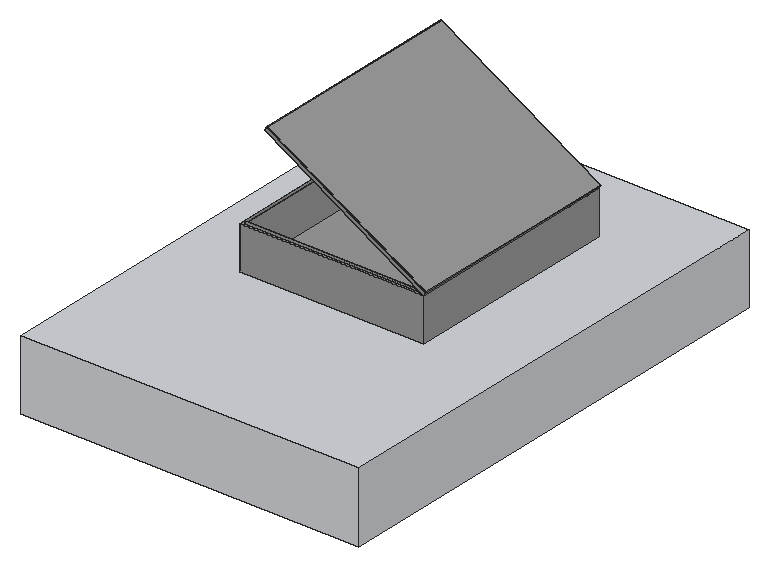
Revit family "Hager-Univers-IP54-D205-H950-Cl.I-Encl-AT-de", category Equipement électrique, Revit 2020
Family settings
  Hôte = Face
  Configuration du panneau = Deux colonnes, circuits au sein
  Cote de connecteur circulaire = Utiliser le diamètre
  Type d'élément = Tableau de raccordement
  Couper avec des vides une fois chargée = Non
  Partagée = Non
  Point de calcul de pièce = Non
Parameters (values of type "Aufputz IP54 B800 H950 T205  - FP63TW2")
  Width Control [instance] = if([EF000008 - Breite] > Min Width, [EF000008 - Breite], Min Width)  # 800 mm
  Commentaires du type = [HG000003 - Bereich]  # "Univers"
  Thickness Door [instance] = if([EF009171 - Materialstärke Tür/Deckel] > 3 mm, 3 mm, [EF009171 - Materialstärke Tür/Deckel])  # 1 mm
  Seal Frame Offset [instance] = 17 mm  # constant formula
  Plinth Visibility [instance] = [HG000027 - Sockelhöhe] > 0 mm  # no
  Model = ""
  Min Width [instance] = 100 mm  # constant formula
  Min Height [instance] = 100 mm  # constant formula
  Min Depth [instance] = (2 * [EF009170 - Materialstärke Gehäuse]) + 1 mm  # 3 mm
  Internal Frame Depth [instance] = (Door System Depth * 0.5)  # 9 mm
  Height Control [instance] = if([EF000040 - Höhe] > Min Height, [EF000040 - Höhe], Min Height)  # 950 mm
  HG000027 - Sockelhöhe = 0 mm
  HG000026 - Stehend auf dem Boden = no
  HG000024 - Höhe des unteren Teils = 800 mm
  HG000023 - Gehäuse mit doppeltem Querschnitt = no
  HG000016 - 3D-Türsichtbarkeit [instance] = yes
  HG000015 - Sichtbarkeit der Türöffnung [instance] = no
  HG000014 - Tür rechts [instance] = yes
  HG000013 - Tür links [instance] = not([HG000014 - Tür rechts])  # no
  HG000012 - Türschwenkwinkel [instance] = 30.00°
  HG000010 - Asymmetrische Türen = no
  HG000009 - Doppelflügeligen Tür = no
  HG000006 - Unterputz = no
  HG000004 - Herstellerreferenz = "FP63TW2"
  HG000003 - Bereich = "Univers"
  HG000002 - Mit tür = yes
  Frame Offset Bottom [instance] = 10 mm  # constant formula
  Frame Offset [instance] = 15 mm  # constant formula
  EF015940 - Deckel mit Überdruckentlastung = no
  EF011959 - Schutzart (NEMA) = ""
  EF009554 - Anzahl der Öffnungen für Flanschplatten = 6
  Fabricant = "Hager"  # constant formula
  EF009212 - Ausführung Deckel = "EV000116 - geschlossen"
  EF009171 - Materialstärke Tür/Deckel = 1 mm
  EF009170 - Materialstärke Gehäuse = 1 mm
  EF008873 - Nennstrom (In) = 250 A
  EF007800 - Geeignet für Blitzschutz = no
  EF006306 - Mit Schloss = no
  EF006244 - Transparenter Deckel/Tür = no
  EF005474 - Schutzart (IP) = "EV006419 - IP54"
  EF004464 - Art der Tür = "EV002646 - Einzel"
  EF004427 - Anzahl der Module = 216
  EF004293 - Schlagfestigkeit = "EV006815 - IK09"
  EF003532 - Geeignet für Außengebrauch = no
  EF002950 - Breite in Teilungseinheiten = 36
  EF001613 - Funktionserhalt = "EV000494 - ohne"
  EF001596 - Werkstoff des Gehäuses = "EV000179 - Stahl"
  EF001131 - Innentiefe = 130 mm
  EF001088 - Anbaumöglichkeit = yes
  EF000437 - Anzahl der Leitungseinführungen = 6
  EF000339 - Art der Abdeckung = "EV001012 - Deckel"
  EF000266 - Anzahl der Reihen = 6
  EF000218 - Einbautiefe = 205 mm
  EF000118 - Mit Montageplatte = no
  EF000116 - RAL-Nummer = "9010"
  EF000049 - Tiefe = 205 mm
  EF000040 - Höhe = 950 mm
  EF000008 - Breite = 800 mm
  EF000007 - Farbe = "EV000202 - weiß"
  EF000003 - Montageart = "EV000384 - Aufputz"
  Door System Leaf Tolerance [instance] = 1.5 mm  # constant formula
  Door System Depth [instance] = 18 mm  # constant formula
  Door Height [instance] = Height Control - [HG000027 - Sockelhöhe]  # 950 mm
  Depth Control [instance] = if([EF000049 - Tiefe] > Min Depth, [EF000049 - Tiefe], Min Depth)  # 205 mm
  Default Elevation = 0 mm
  Connector Offset [instance] = Height Control / 2  # 475 mm
  Bottom Top Plate Trim [instance] = 1.5 mm  # constant formula
  Plinth height Ctrl [instance] = if([HG000027 - Sockelhöhe] > 0 mm, [HG000027 - Sockelhöhe], 12 mm)  # 12 mm
Types (3, lengths in mm): name | Width Control | HG000004 - Herstellerreferenz | EF009554 - Anzahl der Öffnungen für Flanschplatten | EF004464 - Art der Tür | EF004427 - Anzahl der Module | EF002950 - Breite in Teilungseinheiten | EF000437 - Anzahl der Leitungseinführungen | EF000008 - Breite
  Aufputz IP54 B1300 H950 T205  - FP65TW2 | 1300 | "FP65TW2" | 10 | "EV003602 - Doppel" | 360 | 60 | 10 | 1300
  Aufputz IP54 B300 H950 T205  - FP61TW2 | 300 | "FP61TW2" | 2 | "EV002646 - Einzel" | 72 | 12 | 2 | 300
  Aufputz IP54 B800 H950 T205  - FP63TW2 | 800 | "FP63TW2" | 6 | "EV002646 - Einzel" | 216 | 36 | 6 | 800
Reference planes
  plane 1 "Center (Front/Back)": y = 0
  plane 2: z = 0
  plane 3 "Center (Left/Right)": x = 0
  plane 4: z = 205
  plane 5: y = 1
  plane 6: y = 475
  plane 7: y = 0
  plane 8: y = 950
  plane 9: z = 0
  plane 10: x = -385
  plane 11: x = 385
  plane 12: x = 384
  plane 13: x = -384
  plane 14: y = 949
  plane 15: x = -383
  plane 16: x = -400
  plane 17: x = 383
  plane 18: x = 400
  plane 19: x = 399
  plane 20: x = -399
  plane 21: y = 11
  plane 22: y = 950
  plane 23: y = 934
  plane 24: z = 187
  plane 25: z = 1
  plane 26: z = 186
  plane 27: z = 204
Forms (mm)
  Extrusion 1, solid
    sketch origin (0, 0, 0) x (1, 0, 0) y (0, 1, 0)
      loop
        line (-702.964, 1305) -> (-702.964, -811.445) -> (766.763, -811.445) -> (766.763, 1305) -> (-702.964, 1305)
    from 0 to -304.8
  Extrusion 2, solid, material "Hager_Steel_RAL7035_Light_Grey", visible <- "Plinth Visibility", detail levels medium+fine
    sketch origin (0, 0, 0) x (1, 0, 0) y (0, 1, 0)
      loop
        line (-400, 0) -> (400, 0) -> (400, 12) -> (-400, 12) -> (-400, 0)
    from 0 to 187
  Extrusion 3, solid, material "Hager_Steel_RAL7035_Light_Grey", detail levels medium+fine
    sketch origin (0, 0, 0) x (1, 0, 0) y (0, 1, 0)
      loop
        line (-400, 0) -> (400, 0) -> (400, 950) -> (-400, 950) -> (-400, 0)
    from 0 to 187
  Extrusion 4, void
    sketch origin (0, 0, 0) x (1, 0, 0) y (0, 1, 0)
      loop
        line (-399, 1) -> (399, 1) -> (399, 949) -> (-399, 949) -> (-399, 1)
    from 1 to 186
  Extrusion 5, void
    sketch origin (-381.607, -4572, 187) x (0, -1, 0) y (-1, 0, 0)
      loop
        line (-4583, 2.393) -> (-5506, 2.393) -> (-5506, -765.607) -> (-4583, -765.607) -> (-4583, 2.393)
    from 0 to 1 <- "EF009170 - Materialstärke Gehäuse"
  Extrusion 6, solid, material "Hager_Steel_RAL7035_Light_Grey", detail levels fine
    sketch origin (0, 0, 187) x (1, 0, 0) y (0, 1, 0)
      loop
        line (-384, 934) -> (-384, 11) -> (384, 11) -> (384, 934) -> (-384, 934)
      loop
        line (-385, 10) -> (385, 10) -> (385, 935) -> (-385, 935) -> (-385, 10)
    from 0 to 9 <- "Internal Frame Depth"
  Extrusion 7, solid, material "Hager_Steel_RAL7035_Light_Grey", detail levels coarse
    sketch origin (0, 0, 0) x (1, 0, 0) y (0, 1, 0)
      loop
        line (-400, 0) -> (400, 0) -> (400, 950) -> (-400, 950) -> (-400, 0)
    from 0 to 205
  Sweep 8, void
    path in 3D
      loop
        line (-400, 12, 0) -> (400, 12, 0) -> (400, 12, 187) -> (-400, 12, 187) -> (-400, 12, 0)
    profile origin (-400, 12, 93.5) x (-1, 0, 0) y (0, -1, 0)
      loop
        line (0, 0) -> (0, 1.5) -> (-1.5, 1.5)
        arc (-1.5, 1.5) -> (-1.061, 0.439) -> (0, 0) r 1.5
Cuts and joins
  Extrusion 4, Extrusion 5 cuts Extrusion 3
  Sweep 8 cuts Extrusion 2
Lines and regions (mm)
  Masking region 1
    outline origin (0, 0, 0) x (1, 0, 0) y (0, 0, 1)
      loop
        line (-400, 205) -> (-400, 0) -> (400, 0) -> (400, 205) -> (-400, 205)
  Masking region 2, detail levels medium+fine
    outline origin (0, 140, 0) x (0, 1, 0) y (0, 0, 1)
      loop
        line (-140, 0) -> (810, 0) -> (810, 187) -> (-140, 187) -> (-140, 0)
  Masking region 3, not visible, detail levels medium+fine
    outline origin (0, 297.922, 0) x (0, 1, 0) y (0, 0, 1)
      loop
        line (188.578, 0) -> (228.578, 0) -> (228.578, 194)
        arc (228.578, 194) -> (225.649, 201.071) -> (218.578, 204) r 10
        line (218.578, 204) -> (188.578, 204) -> (188.578, 0)
  Masking region 4, detail levels coarse
    outline origin (0, 0, 180) x (0, 1, 0) y (0, 0, 1)
      loop
        line (0, -180) -> (950, -180) -> (950, 25) -> (0, 25) -> (0, -180)
  Masking region 5, visible <- "Plinth Visibility", detail levels medium+fine
    outline origin (0, 52.24, 12.345) x (0, 0, -1) y (0, 1, 0)
      loop
        line (10.845, -40.24) -> (-173.155, -40.24)
        arc (-173.155, -40.24) -> (-173.594, -41.301) -> (-174.655, -41.74) r 1.5
        line (-174.655, -41.74) -> (-174.655, -52.24) -> (12.345, -52.24) -> (12.345, -41.74)
        arc (12.345, -41.74) -> (11.285, -41.301) -> (10.845, -40.24) r 1.5
  Masking region 6, detail levels medium+fine
    outline origin (-381.607, -4572, 187) x (-1, 0, 0) y (0, -1, 0)
      loop
        line (18.393, -5522) -> (18.393, -4572) -> (-781.607, -4572) -> (-781.607, -5522) -> (18.393, -5522)
  Masking region 7, visible <- "Plinth Visibility", detail levels medium+fine
    outline origin (-381.607, -4727, 187) x (-1, 0, 0) y (0, -1, 0)
      loop
        arc (16.893, -4739) -> (17.332, -4737.939) -> (18.393, -4737.5) r 1.5
        line (18.393, -4737.5) -> (18.393, -4727) -> (-781.607, -4727) -> (-781.607, -4737.5)
        arc (-781.607, -4737.5) -> (-780.546, -4737.939) -> (-780.107, -4739) r 1.5
        line (-780.107, -4739) -> (16.893, -4739)
  Masking region 8, detail levels coarse
    outline origin (-442.548, -4669.526, 187) x (-1, 0, 0) y (0, -1, 0)
      loop
        line (-42.548, -5619.526) -> (-42.548, -4669.526) -> (-842.548, -4669.526) -> (-842.548, -5619.526) -> (-42.548, -5619.526)
  sketch lines
    curve 1: line (-400, 12, 187) -> (-400, 12, 0)
    curve 2: line (400, 12, 187) -> (-400, 12, 187)
    curve 3: line (400, 12, 187) -> (400, 12, 0)
    curve 4: line (-400, 12, 0) -> (400, 12, 0)
Dimensions and locks
  "Depth Control": plane 4 to Extrusion 1
  "HG000027 - Sockelhöhe": plane 1 "Center (Front/Back)" to plane 7
  "EF009170 - Materialstärke Gehäuse": plane 5 to plane 7
  locked: connector elem to plane 3 "Center (Left/Right)"
  equal spacing: plane 8, plane 6, plane 7
  locked: connector elem to plane 6
  "EF009170 - Materialstärke Gehäuse": plane 8 to plane 14
  "EF009170 - Materialstärke Gehäuse": plane 10 to plane 13
  "EF009170 - Materialstärke Gehäuse": plane 12 to plane 11
  "Frame Offset": plane 20 to plane 13
  "Frame Offset": plane 12 to plane 19
  "EF009170 - Materialstärke Gehäuse": plane 16 to plane 20
  "EF009170 - Materialstärke Gehäuse": plane 19 to plane 18
  "Seal Frame Offset": plane 16 to plane 15
  "Seal Frame Offset": plane 17 to plane 18
  "Frame Offset Bottom": plane 21 to plane 5
  "Frame Offset": plane 14 to plane 23
  equal spacing: plane 16, plane 3 "Center (Left/Right)", plane 18
  "Width Control": plane 16 to plane 18
  "EF009170 - Materialstärke Gehäuse": plane 4 to plane 27
  "EF009170 - Materialstärke Gehäuse": plane 24 to plane 26
  "EF009170 - Materialstärke Gehäuse": plane 25 to level
  "Door System Depth": plane 4 to plane 24
  "Height Control": plane 1 "Center (Front/Back)" to Extrusion 7 sketch curve
  "Height Control": Masking region 4 sketch curve to plane 1 "Center (Front/Back)"
  "Height Control": plane 1 "Center (Front/Back)" to plane 22
  "Bottom Top Plate Trim": profile plane to Sweep 8 sketch curve
  "Bottom Top Plate Trim": Sweep 8 sketch curve to profile plane
  "Plinth height Ctrl": plane 1 "Center (Front/Back)" to Extrusion 2 sketch curve
  "Plinth height Ctrl": Masking region 5 sketch curve to plane 1 "Center (Front/Back)"
  "Plinth height Ctrl": plane 1 "Center (Front/Back)" to Masking region 7 sketch curve
  "Thickness Door": Extrusion 6 sketch curve to Extrusion 6 sketch curve  (x3)
  "Thickness Door": cut or joined group of Extrusion 3, Extrusion 4, Extrusion 5 to Extrusion 6 sketch curve
  radius of Masking region 3 sketch curve = 10 mm
  "Bottom Top Plate Trim": radius of Masking region 5 sketch curve  (x2)
  "Bottom Top Plate Trim": radius of Sweep 8 sketch curve
  "Bottom Top Plate Trim": radius of Masking region 7 sketch curve  (x2)
  aligned and locked: plane 2 to Extrusion 1
  aligned and locked: level to Extrusion 1
  aligned and locked: level to Masking region 1 sketch curve
  aligned and locked: Masking region 1 sketch curve to plane 18
  aligned and locked: Masking region 1 sketch curve to plane 16
  aligned and locked: plane 7 to Masking region 2 sketch curve
  aligned and locked: level to Masking region 3 sketch curve
  aligned and locked: Masking region 3 sketch curve to plane 27
  aligned and locked: level to Masking region 2 sketch curve
  aligned and locked: plane 1 "Center (Front/Back)" to Extrusion 2 sketch curve
  aligned and locked: Extrusion 3 sketch curve to plane 7
  aligned and locked: plane 16 to Extrusion 3 sketch curve
  aligned and locked: plane 18 to Extrusion 3 sketch curve
  aligned and locked: plane 20 to Extrusion 4 sketch curve
  aligned and locked: plane 19 to Extrusion 4 sketch curve
  aligned and locked: Extrusion 4 sketch curve to plane 5
  aligned and locked: Extrusion 4 to plane 25
  aligned and locked: plane 26 to Extrusion 4
  aligned and locked: plane 24 to Extrusion 3
  aligned and locked: Extrusion 5 sketch curve to plane 21
  aligned and locked: Extrusion 5 sketch curve to plane 13
  aligned and locked: Extrusion 5 sketch curve to plane 12
  aligned and locked: plane 18 to Extrusion 7 sketch curve
  aligned and locked: plane 1 "Center (Front/Back)" to Extrusion 7 sketch curve
  aligned and locked: plane 16 to Extrusion 7 sketch curve
  aligned and locked: plane 4 to Extrusion 7
  aligned and locked: Extrusion 7 to level
  aligned and locked: level to Masking region 4 sketch curve
  aligned and locked: Masking region 4 sketch curve to plane 1 "Center (Front/Back)"
  aligned and locked: Masking region 4 sketch curve to plane 4
  aligned and locked: nested 1 to level
  aligned and locked: nested 1 to plane 16
  aligned and locked: plane 8 to Extrusion 3 sketch curve
  aligned and locked: plane 23 to Extrusion 5 sketch curve
  aligned and locked: plane 14 to Extrusion 4 sketch curve
  aligned and locked: Masking region 2 sketch curve to plane 8
  aligned and locked: level to Masking region 5 sketch curve
  aligned and locked: plane 16 to Extrusion 2 sketch curve
  aligned and locked: plane 18 to Extrusion 2 sketch curve
  aligned and locked: Masking region 5 sketch curve to plane 24
  aligned and locked: Masking region 2 sketch curve to plane 24
  aligned and locked: plane 24 to Extrusion 2
  aligned and locked: profile plane to Sweep 8 sketch curve  (x2)
  aligned and locked: Masking region 6 sketch curve to plane 18
  aligned and locked: Masking region 6 sketch curve to plane 22
  aligned and locked: Masking region 6 sketch curve to plane 16
  aligned and locked: plane 8 to plane 22
  aligned and locked: Masking region 6 sketch curve to plane 7
  aligned and locked: Masking region 7 sketch curve to plane 16
  aligned and locked: Masking region 7 sketch curve to plane 1 "Center (Front/Back)"
  aligned and locked: Masking region 7 sketch curve to plane 18
  aligned and locked: Masking region 8 sketch curve to plane 1 "Center (Front/Back)"
  aligned and locked: Masking region 8 sketch curve to plane 18
  aligned and locked: Masking region 8 sketch curve to plane 22
  aligned and locked: Masking region 8 sketch curve to plane 16
  aligned and locked: nested 2 to plane 7
  aligned and locked: plane 3 "Center (Left/Right)" to nested 2
  aligned and locked: nested 2 to plane 24
  aligned and locked: Extrusion 6 sketch curve to cut or joined group of Extrusion 3, Extrusion 4, Extrusion 5  (x4)
Automatic sketch dimensions
  Extrusion 1 sketch curve to Extrusion 1 sketch curve = 1469.727 mm
  Extrusion 1 sketch curve to Extrusion 1 sketch curve = 2116.445 mm
  Masking region 1 sketch curve to plane 4 = 0 mm
  plane 6 to Masking region 3 sketch curve = 11.5 mm
  Masking region 3 sketch curve to Masking region 3 sketch curve = 30 mm
  Masking region 5 sketch curve to plane 1 "Center (Front/Back)" = 0 mm
Nested families
  nested 1: "Hager_Enclosure_Symbol" at (-400, 0, 0) x (1, 0, 0) z (0, -1, 0), Height <- "Depth Control", Width <- "Width Control", type "Hager_Enclosure_Symbol"
    with Width_Ctrl 800 mm, Width 800 mm, Height_Ctrl 205 mm, Height 205 mm, A_Width_Int 13.453 mm, A_Width 161.438 mm, A_Height_Ctrl 179.375 mm, A_Height 179.375 mm
  nested 2: "EC000058_Univers_Door" at (0, 0, 187) x (1, 0, 0) z (0, 1, 0), Leaf_Tolerance <- "Door System Leaf Tolerance", Angle <- "HG000012 - Türschwenkwinkel", Door_Depth <- "Door System Depth", Door_Left <- "HG000013 - Tür links", Transparent <- "EF006244 - Transparenter Deckel/Tür", Assymetrical <- "HG000010 - Asymmetrische Türen", Width <- "Width Control", Clearance <- "HG000015 - Sichtbarkeit der Türöffnung", Double <- "HG000009 - Doppelflügeligen Tür", 3d_Door <- "HG000016 - 3D-Türsichtbarkeit", Lock_Visibility <- "EF006306 - Mit Schloss", Width_Ctrl <- "Width Control", Door_Right <- "HG000014 - Tür rechts", Door <- "HG000002 - Mit tür", Height <- "Door Height", Thickness <- "Thickness Door", type "EC000058_Univers_Door", detail levels medium+fine
    with min_wh 3 mm, Width_Ctrl 800 mm, Width 800 mm, Transparent no, Thickness 1 mm, Seal_Material Hager_Rubber, Lock_Visibility no, Lock_Material Hager_Plastic_RAL9005_Jet_Black, Leaf_Width 800 mm, Leaf_Tolerance_External_Sides 0 mm, Leaf_Tolerance 1.5 mm, Leaf_Offset 0 mm, Leaf_Height 947 mm, Leaf_2_Width 800 mm, Leaf_2_Offset 400 mm, Leaf_1_Width 800 mm, Leaf_1_Offset 400 mm, Height_Ctrl 950 mm, Height 950 mm, Glass_Material Hager_Glass, Double_Clearance_Ctrl no, Double no, Door_Right_Ctrl yes, Door_Right yes, Door_Material Hager_Steel_RAL7035_Light_Grey, Door_Left_Ctrl no, Door_Left no, Door_Depth 18 mm, Door yes, Clearance_Material Hager_Clearance, Clearance_Depth 800 mm, Clearance_Ctrl no, Clearance no, Assymetrical no, Angle 30.00°, 3d_Door yes
Connectors
  electrical at (0, 475, 0)
    settings: on plane 9, index 1, voltage 0 V, apparent load 0 VA, apparent load phase1 0 VA, apparent load phase2 0 VA, apparent load phase3 0 VA, power factor 1, load classification "Other", number of poles 1, system type 30, power factor state 1, is connector primary yes, connector utility no, sub classification motor no, connector description ""
Definition of nested family "EC000058_Univers_Door"
  Parameters (values of type "EC000058_Univers_Door")
    min_wh [instance] = (2 * Thickness) + 1 mm  # 11 mm
    Width_Ctrl [instance] = 400 mm
    Width [instance] = 500 mm
    Transparent [instance] = yes
    Thickness [instance] = 5 mm
    Seal_Material [instance] = none
    Lock_Visibility [instance] = yes
    Lock_Material [instance] = none
    Leaf_Width [instance] = if((Width_Ctrl - 2 * Leaf_Tolerance_External_Sides) > 0 mm, (Width_Ctrl - 2 * Leaf_Tolerance_External_Sides), min_wh)  # 400 mm
    Leaf_Tolerance_External_Sides [instance] = 0 mm  # constant formula
    Leaf_Tolerance [instance] = 1.5 mm
    Leaf_Offset [instance] = 0 mm  # constant formula
    Leaf_Height [instance] = if((Height_Ctrl - 2 * Leaf_Tolerance) > 0 mm, (Height_Ctrl - 2 * Leaf_Tolerance), min_wh)  # 497 mm
    Leaf_2_Width [instance] = if(and(and(Double, Assymetrical), Door_Left), (Leaf_Width / 3) - (Leaf_Tolerance / 2), if(and(and(Double, Assymetrical), Door_Right), (Leaf_Width / 3) * 2 - (Leaf_Tolerance / 2), if(and(Double, not(Assymetrical)), (Leaf_Width / 2) - Leaf_Tolerance, Leaf_Width)))  # 400 mm
    Leaf_2_Offset [instance] = if(and(Double, Assymetrical), Leaf_2_Width / 2, if(and(Double, not(Assymetrical)), Leaf_Width / 4, Leaf_Width / 2))  # 200 mm
    Leaf_1_Width [instance] = if(and(and(Double, Assymetrical), Door_Right), (Leaf_Width / 3) - (Leaf_Tolerance / 2), if(and(and(Double, Assymetrical), Door_Left), (Width / 3) * 2 - (Leaf_Tolerance / 2), if(and(Double, not(Assymetrical)), (Leaf_Width / 2) - Leaf_Tolerance, Leaf_Width)))  # 400 mm
    Leaf_1_Offset [instance] = if(and(Double, Assymetrical), Leaf_1_Width / 2, if(and(Double, not(Assymetrical)), Leaf_Width / 4, Leaf_Width / 2))  # 200 mm
    Height_Ctrl [instance] = if(Height > min_wh, Height, min_wh)  # 500 mm
    Height [instance] = 500 mm
    Glass_Material [instance] = none
    Double_Clearance_Ctrl [instance] = and(Double, Clearance)  # no
    Double [instance] = no
    Door_Right_Ctrl [instance] = and(or(Door_Right, Double), Door)  # yes
    Door_Right [instance] = yes
    Door_Material [instance] = none
    Door_Left_Ctrl [instance] = and(or(Door_Left, Double), Door)  # no
    Door_Left [instance] = no
    Door_Depth [instance] = 30 mm
    Door [instance] = yes
    Default Elevation = 1219.2 mm
    Clearance_Material [instance] = none
    Clearance_Depth [instance] = if(Leaf_1_Width > Leaf_2_Width, Leaf_1_Width, Leaf_2_Width)  # 400 mm
    Clearance_Ctrl [instance] = and(not(Double), Clearance)  # yes
    Clearance [instance] = yes
    Assymetrical [instance] = yes
    Angle [instance] = 30.00°
    3d_Door [instance] = yes
  Reference planes
    plane 1 "Center (Front/Back)": y = 0
    plane 2 "Bottom": z = 0
    plane 3 "Center (Left/Right)": x = 0
    plane 4: z = 500
    plane 5: x = -200
    plane 6: x = 200
    plane 7: z = 500
    plane 8: x = -200
    plane 9: z = 0
    plane 10: x = 200
    plane 11: y = 0
    plane 12: z = 1.5
    plane 13: x = -600
    plane 14: y = -400
    plane 15: x = 600
    plane 16: x = 0
    plane 17: x = 0
    plane 18: x = -200
    plane 19: x = 200
    plane 20: z = 498.5
  Forms (mm)
    Extrusion 1, solid, material <- "Clearance_Material", visible <- "Double_Clearance_Ctrl"
      sketch origin (1200, 0, 0) x (1, 0, 0) y (0, 0, -1)
        loop
          line (-1800, -498.5) -> (-600, -498.5) -> (-600, 0) -> (-1800, 0) -> (-1800, -498.5)
      from 0 to -400
  Dimensions and locks
    equal spacing: plane 5, plane 3 "Center (Left/Right)", plane 6
    "Width_Ctrl": plane 5 to plane 6
    "Leaf_Offset": plane 5 to plane 8
    "Leaf_Offset": plane 6 to plane 10
    "Leaf_Offset": plane 9 to level
    "Leaf_Offset": plane 4 to plane 7
    "Height_Ctrl": plane 4 to level
    "Leaf_Tolerance": plane 12 to plane 9
    locked: plane 11 to plane 1 "Center (Front/Back)"
    "Leaf_1_Offset": plane 18 to plane 16
    "Leaf_2_Offset": plane 17 to plane 19
    "Leaf_1_Width": plane 13 to plane 8
    "Leaf_2_Width": plane 10 to plane 15
    "Clearance_Depth": plane 14 to plane 1 "Center (Front/Back)"
    "Leaf_Tolerance_External_Sides": plane 8 to plane 18
    "Leaf_Tolerance_External_Sides": plane 19 to plane 10
    "Leaf_Tolerance": plane 7 to plane 20
    aligned and locked: level to plane 2 "Bottom"
    aligned and locked: nested 1 to plane 16
    aligned and locked: nested 2 to plane 17
    aligned and locked: Extrusion 1 to plane 13
    aligned and locked: plane 15 to Extrusion 1
    aligned and locked: Extrusion 1 to plane 14
    aligned and locked: plane 12 to nested 1
    aligned and locked: nested 2 to plane 12
    aligned and locked: Extrusion 1 to plane 11
    aligned and locked: plane 20 to Extrusion 1
    aligned and locked: nested 2 to plane 11
    aligned and locked: nested 1 to plane 11
  Automatic sketch dimensions
    Extrusion 1 sketch curve to level = 0 mm
    plane 5 to Extrusion 1 sketch curve = 400 mm
    plane 6 to Extrusion 1 sketch curve = 400 mm
    Extrusion 1 sketch curve to plane 4 = 1.5 mm
  Nested families
    nested 1: "EC000058_Univers_Door_Leaf" at (0, 0, 1.5), Width <- "Leaf_1_Width", visible <- "Door_Left_Ctrl", Leaf_Height <- "Leaf_Height", Angle <- "Angle", 3d_Door <- "3d_Door", Transparent <- "Transparent", Clearance Material <- "Clearance_Material", Clearance <- "Clearance_Ctrl", Door_Material <- "Door_Material", Glass_Material <- "Glass_Material", Door_Depth <- "Door_Depth", Lock_Material <- "Lock_Material", Seal_Material <- "Seal_Material", Lock_Visibility <- "Lock_Visibility", Thickness <- "Thickness", type "EC000058_Univers_Door_Leaf"
      with Width 400 mm, Transparent_Glass_Offset 30 mm, Transparent_Ctrl yes, Transparent yes, Thickness 5 mm, Standard no, Seal_Material none, Seal_D2 8 mm, Seal_D1 1 mm, Offset_Internal_Frame 10 mm, Lock_Width 20 mm, Lock_Visibility_3d yes, Lock_Visibility yes, Lock_Thickness_3 3 mm, Lock_Thickness_2 1 mm, Lock_Thickness_1 3 mm, Lock_Radius_Offset_2 16 mm, Lock_Radius_Offset_1 15 mm, Lock_Radius_2 5 mm, Lock_Radius 6 mm, Lock_Offset 5 mm, Lock_Material none, Lock_Height 80 mm, Lock_Cover_Top_Offset_2d 17 mm, Lock_Cover_Height -65 mm, Leaf_Height 497 mm, Internal_Seal_Thickness 8 mm, Internal_Seal_Depth_2 4.5 mm, Internal_Frame_Depth 25 mm, Glass_Thickness -1 mm, Glass_Offset -2 mm, Glass_Material none, Door_Material none, Door_Depth 30 mm, Clearance Material none, Clearance yes, Angle_Ctrl 30.00°, Angle 30.00°, 3d_Door yes
    nested 2: "EC000058_Univers_Door_Leaf" at (0, 0, 1.5) x (-1, 0, 0) z (0, 0, 1), Width <- "Leaf_2_Width", visible <- "Door_Right_Ctrl", Leaf_Height <- "Leaf_Height", Angle <- "Angle", 3d_Door <- "3d_Door", Transparent <- "Transparent", Clearance Material <- "Clearance_Material", Clearance <- "Clearance_Ctrl", Door_Material <- "Door_Material", Glass_Material <- "Glass_Material", Door_Depth <- "Door_Depth", Lock_Material <- "Lock_Material", Seal_Material <- "Seal_Material", Lock_Visibility <- "Lock_Visibility", Thickness <- "Thickness", type "EC000058_Univers_Door_Leaf"
      with Width 400 mm, Transparent_Glass_Offset 30 mm, Transparent_Ctrl yes, Transparent yes, Thickness 5 mm, Standard no, Seal_Material none, Seal_D2 8 mm, Seal_D1 1 mm, Offset_Internal_Frame 10 mm, Lock_Width 20 mm, Lock_Visibility_3d yes, Lock_Visibility yes, Lock_Thickness_3 3 mm, Lock_Thickness_2 1 mm, Lock_Thickness_1 3 mm, Lock_Radius_Offset_2 16 mm, Lock_Radius_Offset_1 15 mm, Lock_Radius_2 5 mm, Lock_Radius 6 mm, Lock_Offset 5 mm, Lock_Material none, Lock_Height 80 mm, Lock_Cover_Top_Offset_2d 17 mm, Lock_Cover_Height -65 mm, Leaf_Height 497 mm, Internal_Seal_Thickness 8 mm, Internal_Seal_Depth_2 4.5 mm, Internal_Frame_Depth 25 mm, Glass_Thickness -1 mm, Glass_Offset -2 mm, Glass_Material none, Door_Material none, Door_Depth 30 mm, Clearance Material none, Clearance yes, Angle_Ctrl 30.00°, Angle 30.00°, 3d_Door yes
  Definition of nested family "EC000058_Univers_Door_Leaf"
    Parameters (values of type "EC000058_Univers_Door_Leaf")
      Width [instance] = 2000 mm
      Transparent_Glass_Offset [instance] = 30 mm
      Transparent_Ctrl [instance] = and(Transparent, [3d_Door])  # yes
      Transparent [instance] = yes
      Thickness [instance] = 5 mm
      Standard [instance] = and(not(Transparent), [3d_Door])  # no
      Seal_Material [instance] = none
      Seal_D2 [instance] = 8 mm  # constant formula
      Seal_D1 [instance] = 1 mm  # constant formula
      Offset_Internal_Frame [instance] = 10 mm  # constant formula
      Lock_Width [instance] = 20 mm  # constant formula
      Lock_Visibility_3d [instance] = and(Lock_Visibility, [3d_Door])  # yes
      Lock_Visibility [instance] = yes
      Lock_Thickness_3 [instance] = 3 mm  # constant formula
      Lock_Thickness_2 [instance] = 1 mm  # constant formula
      Lock_Thickness_1 [instance] = 3 mm  # constant formula
      Lock_Radius_Offset_2 [instance] = Lock_Radius_Offset_1 + 1 mm  # 16 mm
      Lock_Radius_Offset_1 [instance] = 15 mm  # constant formula
      Lock_Radius_2 [instance] = Lock_Radius - 1 mm  # 5 mm
      Lock_Radius [instance] = 6 mm  # constant formula
      Lock_Offset [instance] = 5 mm  # constant formula
      Lock_Material [instance] = none
      Lock_Height [instance] = 80 mm  # constant formula
      Lock_Cover_Top_Offset_2d [instance] = Lock_Radius_Offset_2 + 1 mm  # 17 mm
      Lock_Cover_Height [instance] = -(Lock_Height - Lock_Radius_Offset_1)  # -65 mm
      Leaf_Height [instance] = 2720.336 mm
      Internal_Seal_Thickness [instance] = 8 mm  # constant formula
      Internal_Seal_Depth_2 [instance] = 4.5 mm  # constant formula
      Internal_Frame_Depth [instance] = if(Door_Depth - Thickness > 5 mm, Door_Depth - Thickness, 5 mm)  # 25 mm
      Glass_Thickness [instance] = if(Thickness > 15 mm, Glass_Offset + 10 mm, -1 mm)  # -1 mm
      Glass_Offset [instance] = if(Thickness > 15 mm, -(Thickness + 10 mm) / 2, -2 mm)  # -2 mm
      Glass_Material [instance] = none
      Door_Material [instance] = none
      Door_Depth [instance] = 30 mm
      Default Elevation = 0 mm
      Clearance Material [instance] = none
      Clearance [instance] = yes
      Angle_Ctrl [instance] = if(Angle > 180.00°, 180.00°, Angle)  # 90.00°
      Angle [instance] = 90.00°
      3d_Door [instance] = yes
    Reference planes
      plane 1 "Center (Front/Back)": y = 0
      plane 2: z = 0
      plane 3 "Center (Left/Right)": x = 0
      plane 4: y = 2000
      plane 5: x = -1000
      plane 6: x = 1000
      plane 7: x = -3000
      plane 8: z = 2720.336
      plane 9: z = 30
      plane 10: z = 2690.336
      plane 11: x = 970
      plane 12: x = -970
      plane 13: y = -3
      plane 14: z = 107.833
      plane 15: y = -5
      plane 16: y = -223.314
      plane 17: x = -1000
      plane 18: z = 1360.168
      plane 19: y = 30
    Forms (mm)
      Extrusion 1, solid, material <- "Clearance Material", visible <- "Clearance"
        sketch origin (0, 0, 0) x (1, 0, 0) y (0, 0, 1)
          loop
            line (-3000, 2720.336) -> (-3000, 0) -> (1000, 0) -> (1000, 2720.336) -> (-3000, 2720.336)
        from 0 to -2000
      Extrusion 2, solid, material <- "Door_Material", visible <- "Standard", detail levels medium+fine
        sketch origin (-1000, 0, 0) x (0, 1, 0) y (-1, 0, 0)
          loop
            line (0, 30) -> (0, 25) -> (2000, 25) -> (2000, 30) -> (0, 30)
        from 0 to 2720.336 <- "Leaf_Height"
      Extrusion 3, solid, material <- "Door_Material", visible <- "Transparent_Ctrl", detail levels medium+fine
        sketch origin (-1000, 0, 0) x (0, 1, 0) y (-1, 0, 0)
          loop
            line (0, 25) -> (2000, 25) -> (2000, 30) -> (0, 30) -> (0, 25)
        from 0 to 2720.336 <- "Leaf_Height"
      Extrusion 4, void
        sketch origin (-1025, 2000, 0) x (0, 1, 0) y (0, 0, -1)
          loop
            line (-30, -2690.336) -> (-30, -30) -> (-1970, -30) -> (-1970, -2690.336) -> (-30, -2690.336)
        from 0 to 5 <- "Thickness"
      Sweep 5, solid, material <- "Seal_Material", visible <- "Transparent_Ctrl", detail levels fine
        path in 3D
          loop
            line (-1025, 30, 30) -> (-1025, 30, 2690.336) -> (-1025, 1970, 2690.336) -> (-1025, 1970, 30) -> (-1025, 30, 30)
        profile origin (-1025, 1000, 30) x (1, 0, 0) y (0, 0, 1)
          loop
            line (0, 0) -> (0, -8) -> (1, -8) -> (1, 0) -> (0, 0)
      Extrusion 6, solid, material <- "Glass_Material", visible <- "Transparent_Ctrl", detail levels medium+fine
        sketch origin (-1030, 0, 0) x (0, 1, 0) y (0, 0, -1)
          loop
            line (1970, -2690.336) -> (1970, -30) -> (30, -30) -> (30, -2690.336) -> (1970, -2690.336)
        from -2 <- "Glass_Offset" to -1 <- "Glass_Thickness"
      Extrusion 7, solid, material <- "Door_Material", visible <- "3d_Door", detail levels medium+fine
        sketch origin (-1025, 2000, 0) x (0, -1, 0) y (0, 0, -1)
          loop
            line (0, -2720.336) -> (2000, -2720.336) -> (2000, 0) -> (0, 0) -> (0, -2720.336)
          loop
            line (1995, -5) -> (5, -5) -> (5, -2715.336) -> (1995, -2715.336) -> (1995, -5)
        from 0 to 25 <- "Internal_Frame_Depth"
      Sweep 8, solid, material <- "Seal_Material", visible <- "Transparent_Ctrl", detail levels fine
        path in 3D
          loop
            line (-1025, 0, 0) -> (-1025, 2000, 0) -> (-1025, 2000, 2720.336) -> (-1025, 0, 2720.336) -> (-1025, 0, 0)
        profile origin (-1025, 0, 1360.168) x (1, 0, 0) y (0, 1, 0)
          loop
            line (0, 10) -> (2.975, 10)
            arc (2.975, 10) -> (4.053, 10.447) -> (4.5, 11.525) r 1.525
            line (4.5, 11.525) -> (4.5, 16.527)
            arc (4.5, 16.527) -> (4.069, 17.569) -> (3.027, 18) r 1.473
            line (3.027, 18) -> (0, 18) -> (0, 10)
      Extrusion 9, solid, material <- "Lock_Material", visible <- "Lock_Visibility_3d", detail levels fine
        sketch origin (-1030, 0, 0) x (0, 1, 0) y (0, 0, -1)
          loop
            arc (1993.5, -1400.168) -> (1994.561, -1399.729) -> (1995, -1398.668) r 1.5
            line (1995, -1398.668) -> (1995, -1320.168) -> (1975, -1320.168) -> (1975, -1398.668)
            arc (1975, -1398.668) -> (1975.439, -1399.729) -> (1976.5, -1400.168) r 1.5
            line (1976.5, -1400.168) -> (1993.5, -1400.168)
        from 3 <- "Lock_Thickness_1" to 0
      Blend 10, solid, material <- "Lock_Material", visible <- "Lock_Visibility_3d", detail levels fine
        base sketch origin (-1033, 0, 0) x (0, 1, 0) y (0, 0, -1)
          loop
            line (1975, -1320.168) -> (1975, -1398.668)
            arc (1975, -1398.668) -> (1975.439, -1399.729) -> (1976.5, -1400.168) r 1.5
            line (1976.5, -1400.168) -> (1993.5, -1400.168)
            arc (1993.5, -1400.168) -> (1994.561, -1399.729) -> (1995, -1398.668) r 1.5
            line (1995, -1398.668) -> (1995, -1320.168) -> (1975, -1320.168)
        top sketch origin (-1033, 0, 0) x (0, 1, 0) y (0, 0, -1)
          loop
            line (1976, -1320.168) -> (1976, -1398.668)
            arc (1976, -1398.668) -> (1976.146, -1399.022) -> (1976.5, -1399.168) r 0.5
            line (1976.5, -1399.168) -> (1993.5, -1399.168)
            arc (1993.5, -1399.168) -> (1993.854, -1399.022) -> (1994, -1398.668) r 0.5
            line (1994, -1398.668) -> (1994, -1320.168) -> (1976, -1320.168)
        from 0 to 1 <- "Lock_Thickness_2"
      Blend 11, solid, material <- "Lock_Material", visible <- "Lock_Visibility_3d", detail levels fine
        base sketch origin (-1034, 0, 0) x (0, 1, 0) y (0, 0, -1)
          loop
            line (1978, -1320.168) -> (1978, -1384.168)
            arc (1978, -1384.168) -> (1985, -1391.168) -> (1992, -1384.168) r 7
            line (1992, -1384.168) -> (1992, -1320.168) -> (1978, -1320.168)
        top sketch origin (-1034, 0, 0) x (0, 1, 0) y (0, 0, -1)
          loop
            line (1991, -1320.168) -> (1979, -1320.168) -> (1979, -1383.168)
            arc (1979, -1383.168) -> (1985, -1389.168) -> (1991, -1383.168) r 6
            line (1991, -1383.168) -> (1991, -1320.168)
        from 0 to 3 <- "Lock_Thickness_3"
      Extrusion 12, solid, material <- "Lock_Material", visible <- "Lock_Visibility_3d", detail levels fine
        sketch origin (-1030, 1975, 1320.168) x (1, 0, 0) y (0, -1, 0)
          loop
            line (-7, -19) -> (-7, -1) -> (0, -1) -> (0, 0) -> (-8, 0) -> (-8, -20) -> (0, -20) -> (0, -19) -> (-7, -19)
        from 0 to -65 <- "Lock_Cover_Height"
      Extrusion 13, void
        sketch origin (-1038, 1995, 1320.168) x (-1, 0, 0) y (0, 0, -1)
          loop
            line (-5, -65) -> (0, -65) -> (-5, -60) -> (-5, -65)
        from 0 to 20 <- "Lock_Width"
      Extrusion 14, void
        sketch origin (-1038, 1975, 1320.168) x (0, -1, 0) y (0, 0, -1)
          loop
            circle (-10, -15.995) r 6
          loop
            circle (-10, -15.995) r 5
        from 0 to 2
      Extrusion 15, solid, material <- "Lock_Material", visible <- "Lock_Visibility_3d", detail levels medium
        sketch origin (-1030, 0, 0) x (0, 1, 0) y (0, 0, -1)
          loop
            arc (1993.5, -1400.168) -> (1994.561, -1399.729) -> (1995, -1398.668) r 1.5
            line (1995, -1398.668) -> (1995, -1320.168) -> (1975, -1320.168) -> (1975, -1398.668)
            arc (1975, -1398.668) -> (1975.439, -1399.729) -> (1976.5, -1400.168) r 1.5
            line (1976.5, -1400.168) -> (1993.5, -1400.168)
        from 8 to 0
    Cuts and joins
      Extrusion 4 cuts Extrusion 3
      Extrusion 13, Extrusion 14 cuts Extrusion 9
      Extrusion 14 cuts Blend 11
      Extrusion 13, Extrusion 14 cuts Extrusion 12
      joined: Extrusion 9, Blend 10, Blend 11, Extrusion 12
      Extrusion 14 cuts Extrusion 15
    Lines and regions (mm)
      Masking region 1, visible <- "Lock_Visibility", detail levels fine
        outline origin (0, 0, 0) x (0, 1, 0) y (0, 0, 1)
          loop
            line (30, 1320.168) -> (33, 1320.168) -> (33, 1400.168) -> (30, 1400.168) -> (30, 1320.168)
      Masking region 2, visible <- "Lock_Visibility", detail levels fine
        outline origin (0, 3.143, 0) x (0, 1, 0) y (0, 0, 1)
          loop
            line (29.857, 1354.168) -> (30.857, 1354.168) -> (30.857, 1366.168) -> (29.857, 1366.168) -> (29.857, 1354.168)
      Masking region 3, detail levels medium+fine
        outline origin (0, 0, 0) x (0, 1, 0) y (0, 0, 1)
          loop
            line (0, 0) -> (30, 0) -> (30, 2720.336) -> (0, 2720.336) -> (0, 0)
      Masking region 4, detail levels medium+fine
        outline origin (0, 0, 0) x (1, 0, 0) y (0, 0, 1)
          loop
            line (-1000, 2720.336) -> (-1000, 0) -> (1000, 0) -> (1000, 2720.336) -> (-1000, 2720.336)
      Masking region 5, visible <- "Lock_Visibility", detail levels fine
        outline origin (-47.116, 0, 0) x (1, 0, 0) y (0, 0, 1)
          loop
            arc (1024.616, 1399.168) -> (1023.556, 1398.729) -> (1023.116, 1397.668) r 1.5
            line (1023.116, 1397.668) -> (1023.116, 1320.168) -> (1041.116, 1320.168) -> (1041.116, 1397.668)
            arc (1041.116, 1397.668) -> (1040.677, 1398.729) -> (1039.616, 1399.168) r 1.5
            line (1039.616, 1399.168) -> (1024.616, 1399.168)
      Masking region 6, visible <- "Lock_Visibility", detail levels medium+fine
        outline origin (-25, 0, 0) x (1, 0, 0) y (0, 0, 1)
          loop
            arc (1001.5, 1400.168) -> (1000.439, 1399.729) -> (1000, 1398.668) r 1.5
            line (1000, 1398.668) -> (1000, 1320.168) -> (1020, 1320.168) -> (1020, 1398.668)
            arc (1020, 1398.668) -> (1019.561, 1399.729) -> (1018.5, 1400.168) r 1.5
            line (1018.5, 1400.168) -> (1001.5, 1400.168)
      Masking region 7, visible <- "Lock_Visibility", detail levels fine
        outline origin (-73.735, 0, 0) x (1, 0, 0) y (0, 0, 1)
          loop
            line (1051.735, 1382.168) -> (1065.735, 1382.168) -> (1065.735, 1384.168)
            arc (1065.735, 1384.168) -> (1058.735, 1391.168) -> (1051.735, 1384.168) r 7
            line (1051.735, 1384.168) -> (1051.735, 1382.168)
      Masking region 8, visible <- "Lock_Visibility", detail levels fine
        outline origin (-73.735, 0, 0) x (1, 0, 0) y (0, 0, 1)
          loop
            line (1052.735, 1382.168) -> (1064.735, 1382.168) -> (1064.735, 1383.168)
            arc (1064.735, 1383.168) -> (1058.735, 1389.168) -> (1052.735, 1383.168) r 6
            line (1052.735, 1383.168) -> (1052.735, 1382.168)
      Masking region 9, visible <- "Lock_Visibility", detail levels fine
        outline origin (-25, 0, 0) x (1, 0, 0) y (0, 0, 1)
          loop
            line (1020, 1320.168) -> (1020, 1382.168) -> (1000, 1382.168) -> (1000, 1320.168) -> (1020, 1320.168)
      Masking region 10, detail levels medium+fine
        outline origin (0, 0, 0) x (1, 0, 0) y (0, 0, 1)
          loop
            circle (985, 1335.144) r 6
      Masking region 11, detail levels fine
        outline origin (0, 0, 0) x (1, 0, 0) y (0, 0, 1)
          loop
            circle (985, 1335.144) r 5
      Masking region 12, visible <- "Lock_Visibility", detail levels fine
        outline origin (0, 12.767, 0) x (0, 1, 0) y (0, 0, 1)
          loop
            line (20.233, 1320.168) -> (21.233, 1320.168) -> (21.233, 1399.168) -> (20.233, 1400.168) -> (20.233, 1320.168)
      Masking region 13, visible <- "Lock_Visibility", detail levels fine
        outline origin (0, 13.767, -10) x (0, 1, 0) y (0, 0, 1)
          loop
            line (20.233, 1330.168) -> (23.233, 1330.168) -> (23.233, 1399.168) -> (20.233, 1402.168) -> (20.233, 1330.168)
      Masking region 14, visible <- "Lock_Visibility", detail levels fine
        outline origin (0, 12.767, -10) x (0, 1, 0) y (0, 0, 1)
          loop
            line (20.233, 1330.168) -> (25.233, 1330.168) -> (25.233, 1399.305) -> (20.233, 1394.305) -> (20.233, 1330.168)
      Masking region 15, visible <- "Lock_Visibility", detail levels medium
        outline origin (0, 0, 0) x (0, 1, 0) y (0, 0, 1)
          loop
            line (30, 1320.168) -> (38, 1320.168) -> (38, 1400.168) -> (30, 1400.168) -> (30, 1320.168)
      Masking region 16, visible <- "Lock_Visibility", detail levels fine
        outline origin (-1000, 0, 0) x (0, 1, 0) y (-1, 0, 0)
          loop
            line (1975, 30) -> (1995, 30) -> (1995, 38) -> (1975, 38) -> (1975, 30)
          loop
            line (1979, 37) -> (1976, 37) -> (1976, 34) -> (1978, 34) -> (1979, 37)
          loop
            line (1994, 37) -> (1991, 37) -> (1992, 34) -> (1994, 34) -> (1994, 37)
      Masking region 17, visible <- "Lock_Visibility", detail levels medium
        outline origin (-1000, 0, 0) x (0, 1, 0) y (-1, 0, 0)
          loop
            line (1975, 30) -> (1995, 30) -> (1995, 38) -> (1975, 38) -> (1975, 30)
      symbolic lines
        curve 1: line (1000, 0, 0) -> (-3000, 0, 0)
        curve 2: arc (1000, 0, 0) -> (-1000, 2000, 0) -> (-3000, 0, 0) r 2000
        curve 4: line (-1030, 0, 0) -> (-1030, 2000, 0)
      reference lines
        curve 3: line (-1000, 0, 0) -> (-1000, 2000, 0)
      symbolic lines, detail levels medium+fine
        curve 5: line (-1030, 2000, 0) -> (-1025, 2000, 0)
        curve 7: line (-1025, 0, 0) -> (-1030, 0, 0)
        curve 8: line (-1025, 0, 0) -> (-1000, 0, 0)
        curve 9: line (-1000, 0, 0) -> (-1000, 2000, 0)
        curve 10: line (-1000, 2000, 0) -> (-1025, 2000, 0)
      symbolic lines, detail levels fine
        curve 6: line (-1025, 2000, 0) -> (-1025, 0, 0)
      sketch lines
        curve 11: line (-1025, 0, 2720.336) -> (-1025, 0, 0)
        curve 12: line (-1025, 2000, 0) -> (-1025, 0, 0)
        curve 13: line (-1025, 2000, 2720.336) -> (-1025, 2000, 0)
        curve 14: line (-1025, 0, 2720.336) -> (-1025, 2000, 2720.336)
        curve 15: line (-1025, 1970, 30) -> (-1025, 30, 30)
        curve 16: line (-1025, 30, 30) -> (-1025, 30, 2690.336)
        curve 17: line (-1025, 1970, 2690.336) -> (-1025, 1970, 30)
        curve 18: line (-1025, 30, 2690.336) -> (-1025, 1970, 2690.336)
      symbolic lines, visible <- "Transparent", detail levels medium+fine
        curve 19: line (-970, 0, 2690.336) -> (970, 0, 2690.336)
        curve 20: line (-970, 0, 30) -> (-970, 0, 2690.336)
        curve 21: line (970, 0, 30) -> (-970, 0, 30)
        curve 22: line (970, 0, 2690.336) -> (970, 0, 30)
    Dimensions and locks
      "Width": plane 1 "Center (Front/Back)" to plane 4
      equal spacing: plane 5, plane 3 "Center (Left/Right)", plane 6
      "Width": plane 5 to plane 6
      "Width": plane 7 to plane 5
      "Leaf_Height": plane 8 to level
      "Width": curve 5 to curve 3
      "Width": curve 3 to curve 3
      plane 8 to plane 10 = 30 mm
      plane 9 to level = 30 mm
      plane 12 to plane 5 = 30 mm
      plane 6 to plane 11 = 30 mm
      Extrusion 1 to Extrusion 4 sketch curve = 30 mm
      "Transparent_Glass_Offset": curve 3 to Extrusion 4 sketch curve
      "Transparent_Glass_Offset": Extrusion 4 sketch curve to cut or joined group of Extrusion 3, Extrusion 4  (x2)
      cut or joined group of Extrusion 3, Extrusion 4 to Extrusion 6 sketch curve = 30 mm
      "Transparent_Glass_Offset": cut or joined group of Extrusion 3, Extrusion 4 to Extrusion 4 sketch curve
      "Thickness": curve 6 to curve 4
      "Thickness": Extrusion 7 sketch curve to Extrusion 7 sketch curve  (x4)
      "Door_Depth": curve 4 to curve 3
      "Offset_Internal_Frame": profile plane to Sweep 8 sketch curve
      "Internal_Seal_Thickness": Sweep 8 sketch curve to Sweep 8 sketch curve
      "Internal_Seal_Depth_2": profile plane to Sweep 8 sketch curve
      "Seal_D1": profile plane to Sweep 5 sketch curve
      "Seal_D2": profile plane to Sweep 5 sketch curve
      "Thickness": Extrusion 2 sketch curve to Extrusion 2 sketch curve
      equal spacing: Extrusion 9 sketch curve, plane 18, Extrusion 9 sketch curve  (x2)
      equal spacing: Masking region 1 sketch curve, plane 18, Masking region 1 sketch curve
      "Lock_Height": Masking region 1 sketch curve to Masking region 1 sketch curve
      "Lock_Radius": Masking region 2 sketch curve to plane 18 to Masking region 2 sketch curve
      Masking region 2 sketch curve to Masking region 1 = 1 mm
      "Door_Depth": plane 19 to plane 1 "Center (Front/Back)"
      "Lock_Thickness_1": Masking region 1 sketch curve to plane 19
      "Lock_Width": Extrusion 9 sketch curve to Extrusion 9 sketch curve
      "Lock_Height": Extrusion 9 sketch curve to Extrusion 9 sketch curve
      "Lock_Offset": cut or joined group of Extrusion 3, Extrusion 4 to Extrusion 9 sketch curve
      equal spacing: plane 8, plane 18, level
      "Lock_Radius_Offset_1": Blend 11 sketch curve to Blend 10
      locked: Blend 10 to Blend 11 sketch curve at 2  (x2)
      locked: var sketch to Blend 11 sketch curve at 1  (x2)
      "Lock_Radius_Offset_2": Blend 11 sketch curve to Blend 10
      locked: Extrusion 12 sketch curve to Extrusion 12 sketch curve at 1  (x3)
      Masking region 6 sketch curve to Masking region 6 sketch curve = 80 mm
      "Lock_Height": Masking region 6 sketch curve to Masking region 6 sketch curve
      "Lock_Width": Masking region 6 sketch curve to Masking region 6 sketch curve
      locked: Masking region 6 to Masking region 5 sketch curve at 1  (x3)
      locked: Masking region 5 to Masking region 7 sketch curve at 2  (x2)
      "Lock_Radius_Offset_1": Masking region 5 to Masking region 7 sketch curve
      "Lock_Radius_Offset_2": Masking region 5 to Masking region 8 sketch curve
      locked: Masking region 7 to Masking region 8 sketch curve at 1  (x2)
      "Lock_Cover_Top_Offset_2d": Masking region 5 to Masking region 9 sketch curve
      equal spacing: Masking region 9, Masking region 10 sketch curve, Masking region 9
      equal spacing: Masking region 9, Masking region 11 sketch curve, Masking region 9
      Extrusion 15 sketch curve to Extrusion 15 sketch curve = 80 mm
      "Lock_Width": Extrusion 15 sketch curve to Extrusion 15 sketch curve
      "Lock_Height": Extrusion 15 sketch curve to Extrusion 15 sketch curve
      equal spacing: Extrusion 15 sketch curve, plane 18, Extrusion 15 sketch curve
      "Lock_Thickness_3": Masking region 13 sketch curve to Masking region 13 sketch curve
      "Lock_Height": Masking region 12 sketch curve to Masking region 12 sketch curve
      locked: Masking region 13 sketch curve to Masking region 1 at 8
      locked: Masking region 14 sketch curve to Masking region 13 at 1
      locked: Masking region 14 sketch curve to Masking region 1 at 10.863
      "Lock_Height": Masking region 15 sketch curve to Masking region 15 sketch curve
      "Lock_Offset": Extrusion 15 sketch curve to cut or joined group of Extrusion 3, Extrusion 4
      "Lock_Offset": plane 6 to Masking region 6 sketch curve
      radius of Sweep 8 sketch curve = 1.525 mm
      radius of Sweep 8 sketch curve = 1.473 mm
      radius of Extrusion 9 sketch curve = 1.5 mm  (x2)
      "Lock_Radius": radius of Extrusion 14 sketch curve
      "Lock_Radius_2": radius of Extrusion 14 sketch curve
      "Lock_Radius": radius of Masking region 10 sketch curve
      "Lock_Radius_2": radius of Masking region 11 sketch curve
      radius of Extrusion 15 sketch curve = 1.5 mm  (x2)
      "Angle_Ctrl": angle plane 1 "Center (Front/Back)" to curve 3
      locked: Masking region 12 sketch curve to Masking region 12 sketch curve (angle 45.00°)
      locked: Masking region 13 sketch curve to Masking region 13 sketch curve (angle 45.00°)
      locked: Masking region 14 sketch curve to Masking region 14 sketch curve (angle 45.00°)
      aligned and locked: level to plane 2
      aligned and locked: Extrusion 1 to curve 1
      aligned and locked: plane 6 to Extrusion 1
      aligned and locked: Extrusion 1 to plane 1 "Center (Front/Back)"
      aligned and locked: plane 4 to Extrusion 1
      aligned and locked: plane 8 to Extrusion 1
      aligned and locked: curve 7 to Extrusion 2 sketch curve
      aligned and locked: curve 5 to Extrusion 2 sketch curve
      aligned and locked: curve 7 to Extrusion 3 sketch curve
      aligned and locked: Extrusion 3 sketch curve to curve 4
      aligned and locked: Extrusion 3 sketch curve to curve 6
      aligned and locked: Extrusion 3 sketch curve to curve 5
      aligned and locked: curve 9 to curve 3
      aligned and locked: Extrusion 7 sketch curve to cut or joined group of Extrusion 3, Extrusion 4  (x4)
      aligned and locked: plane 17 to curve 3
      aligned and locked: plane 1 "Center (Front/Back)" to curve 3
      aligned and locked: plane 17 to plane 5
      aligned and locked: Sweep 8 sketch curve to profile plane
      aligned and locked: Sweep 5 sketch curve to profile plane  (x2)
      aligned and locked: Masking region 1 to Masking region 2 sketch curve
      aligned and locked: plane 19 to Masking region 1 sketch curve
      aligned and locked: plane 1 "Center (Front/Back)" to Masking region 3 sketch curve
      aligned and locked: plane 19 to Masking region 3 sketch curve
      aligned and locked: level to Masking region 3 sketch curve
      aligned and locked: Masking region 3 sketch curve to plane 8
      aligned and locked: plane 17 to Masking region 4 sketch curve
      aligned and locked: level to Masking region 4 sketch curve
      aligned and locked: Masking region 4 sketch curve to plane 8
      aligned and locked: plane 12 to curve 20
      aligned and locked: plane 10 to curve 19
      aligned and locked: plane 11 to curve 22
      aligned and locked: curve 21 to plane 9
      aligned and locked: Extrusion 2 sketch curve to cut or joined group of Extrusion 3, Extrusion 4
      aligned and locked: Blend 10 sketch curve to Extrusion 9  (x4)
      aligned and locked: Extrusion 9 to Blend 10 sketch curve
      aligned and locked: Blend 10 to Blend 11 sketch curve
      aligned and locked: Extrusion 12 sketch curve to Blend 11
      aligned and locked: Extrusion 12 sketch curve to Extrusion 9  (x4)
      aligned and locked: Masking region 5 sketch curve to Masking region 6
      aligned and locked: Masking region 9 sketch curve to Masking region 6  (x3)
      aligned and locked: Masking region 12 sketch curve to Masking region 1
      aligned and locked: Masking region 13 sketch curve to Masking region 1
      aligned and locked: Masking region 12 to Masking region 14
      aligned and locked: Masking region 14 sketch curve to Masking region 1
      aligned and locked: Masking region 15 sketch curve to Masking region 14
      aligned and locked: Masking region 13 sketch curve to Masking region 12
      aligned and locked: Masking region 16 sketch curve to cut or joined group of Extrusion 14, Extrusion 15  (x4)
      aligned and locked: Masking region 16 sketch curve to cut or joined group of Extrusion 9, Blend 10, Blend 11, Extrusion 12, Extrusion 13, Extrusion 14  (x6)
      aligned and locked: cut or joined group of Extrusion 9, Blend 10, Blend 11, Extrusion 12, Extrusion 13, Extrusion 14 to Masking region 16 sketch curve
      aligned and locked: Masking region 17 sketch curve to cut or joined group of Extrusion 14, Extrusion 15  (x3)
      aligned and locked: Masking region 17 sketch curve to cut or joined group of Extrusion 9, Blend 10, Blend 11, Extrusion 12, Extrusion 13, Extrusion 14
      aligned and locked: Masking region 9 to Masking region 8 sketch curve
      aligned and locked: Masking region 9 to Masking region 7 sketch curve
    Automatic sketch dimensions
      plane 1 "Center (Front/Back)" to curve 2 = 0 mm
      curve 2 to plane 5 = 0 mm
      Extrusion 1 sketch curve to level = 0 mm
      Extrusion 1 sketch curve to plane 7 = 0 mm
      Extrusion 1 sketch curve to plane 6 = 0 mm
      Extrusion 1 sketch curve to plane 8 = 0 mm
      Extrusion 3 to Extrusion 6 sketch curve = 30 mm  (x4)
      Masking region 4 sketch curve to plane 6 = 0 mm
      Blend 10 sketch curve to Extrusion 9 = 1.5 mm
      Blend 10 sketch curve to Extrusion 9 = 1 mm
      Extrusion 13 sketch curve to Extrusion 12 = 0 mm  (x2)
      Extrusion 12 to Extrusion 13 sketch curve = 3 mm
      Extrusion 13 sketch curve to Extrusion 12 = 5 mm
      Extrusion 14 sketch curve to Extrusion 14 sketch curve = 0 mm  (x2)
      Extrusion 14 sketch curve to Extrusion 12 = 10 mm
      Extrusion 14 sketch curve to Extrusion 12 = 15.995 mm
      Masking region 5 sketch curve to Masking region 5 sketch curve = 1.5 mm  (x2)
      Masking region 10 sketch curve to plane 18 = 25.024 mm
      Masking region 11 sketch curve to plane 18 = 25.024 mm
      plane 19 to Masking region 14 sketch curve = 3 mm
      Masking region 16 sketch curve to Masking region 16 sketch curve = 3 mm
      curve 4 to curve 3 = 0 mm
      Blend 10 to Blend 11 sketch curve = 0 mm
      Masking region 6 sketch curve to Masking region 6 sketch curve = 1.5 mm  (x2)
      Masking region 6 sketch curve to plane 18 = 40 mm
      plane 19 to Masking region 12 sketch curve = 3 mm
      Masking region 12 sketch curve to Masking region 12 sketch curve = 1 mm
      Masking region 15 sketch curve to plane 19 = 0 mm
      Masking region 15 sketch curve to plane 18 = 40 mm
      radius of Blend 10 sketch curve to Extrusion 9 = 1 mm
Definition of nested family "Hager_Enclosure_Symbol"
  Parameters (values of type "Hager_Enclosure_Symbol")
    Width_Ctrl [instance] = if(Width > 1 mm, Width, 1 mm)  # 102.27 mm
    Width [instance] = 102.27 mm
    Height_Ctrl [instance] = if(Height > 1 mm, Height, 1 mm)  # 66.5 mm
    A_Width_Int [instance] = if(A_Width / 12 > 2 mm, A_Width / 12, 2 mm)  # 4.364 mm
    A_Width [instance] = if(A_Height_Ctrl * 0.9 > 2 mm, A_Height_Ctrl * 0.9, 2 mm)  # 52.369 mm
    A_Height_Ctrl [instance] = if(A_Height > 2 mm, A_Height, 2 mm)  # 58.188 mm
    Height [instance] = 66.5 mm
    A_Height [instance] = Height - (Height / 8)  # 58.188 mm
  Reference planes
    plane 1 "Centre (avant/arrière)": y = 0
    plane 2: z = 0
    plane 3 "Centre (gauche/droite)": x = 0
    plane 4: x = 52.369
    plane 5: y = 33.042
    plane 6: y = 41.77
    plane 7: y = 66.5
    plane 8: x = 26.184
    plane 9: y = 37.406
    plane 10: x = 102.27
    plane 11: y = 66.5
    plane 12: y = 8.313
  Lines and regions (mm)
    Filled region 1, type "Solid_Black", in view "Niveau de réf."
      outline origin (0, 0, 0) x (1, 0, 0) y (0, 1, 0)
        loop
          line (52.369, 66.5) -> (33.188, 54.536) -> (45.365, 45.006) -> (52.369, 66.5)
    Filled region 2, type "Solid_Black", in view "Niveau de réf."
      outline origin (0, 0, 0) x (1, 0, 0) y (0, 1, 0)
        loop
          line (0, 0) -> (102.27, 0) -> (102.27, 66.5) -> (0, 0)
    detail lines, in view "Niveau de réf."
      curve 1: line (0, 8.313, 0) -> (26.184, 41.77, 0)
      curve 2: line (26.184, 41.77, 0) -> (26.184, 33.042, 0)
      curve 3: line (26.184, 33.042, 0) -> (52.369, 66.5, 0)
  Dimensions and locks
    "A_Width": plane 3 "Centre (gauche/droite)" to plane 4
    equal spacing: plane 3 "Centre (gauche/droite)", plane 8, plane 4
    equal spacing: plane 6, plane 9, plane 5
    equal spacing: curve 3, Filled region 1 sketch curve, Filled region 1 sketch curve
    "Height_Ctrl": plane 1 "Centre (avant/arrière)" to plane 11
    "A_Height_Ctrl": plane 11 to plane 12
    equal spacing: plane 11, plane 9, plane 12
    "A_Width_Int": plane 6 to plane 9
    "Width_Ctrl": plane 3 "Centre (gauche/droite)" to plane 10
    angle Filled region 1 sketch curve to curve 3 = 20.00°
    angle curve 3 to Filled region 1 sketch curve = 20.00°
    locked: curve 3 to Filled region 1 sketch curve (angle 90.00°)
    aligned and locked: plane 10 to Filled region 2
    aligned and locked: plane 11 to Filled region 2 sketch curve
    aligned and locked: plane 10 to Filled region 2 sketch curve
    aligned and locked: plane 3 "Centre (gauche/droite)" to curve 1
    aligned and locked: plane 12 to curve 1
    aligned and locked: plane 7 to plane 11
  Automatic sketch dimensions
    Filled region 1 sketch curve to plane 4 = 0 mm
    Filled region 1 sketch curve to plane 7 = 0 mm
    plane 1 "Centre (avant/arrière)" to Filled region 2 sketch curve = 0 mm
    Filled region 2 sketch curve to plane 3 "Centre (gauche/droite)" = 0 mm
    curve 2 to plane 6 = 0 mm
    curve 2 to plane 8 = 0 mm
    curve 3 to plane 4 = 0 mm
    curve 2 to plane 5 = 0 mm
    curve 3 to plane 7 = 0 mm
